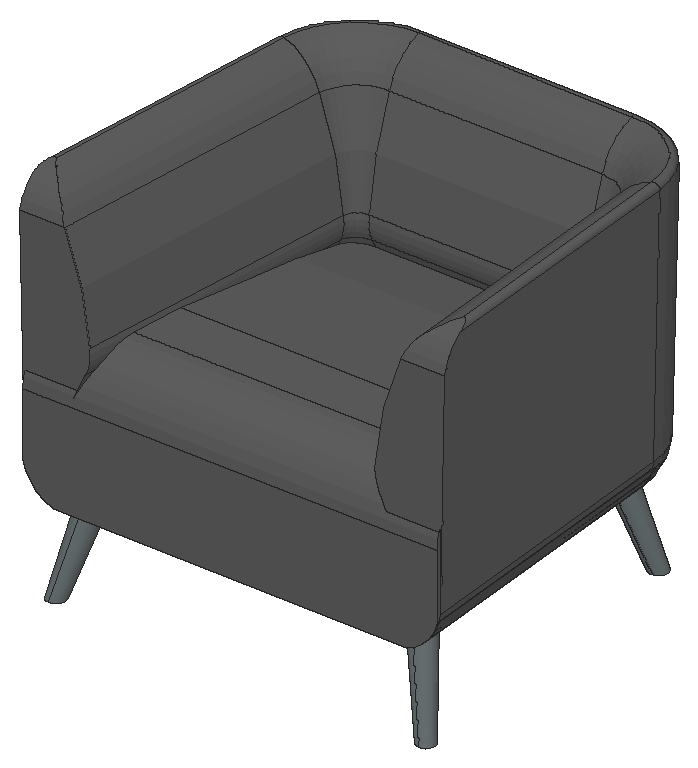
Revit family "FU_Chair_Sandler_Club 5-2", category Furniture, Revit 2022
Family settings
  OmniClass Number = 23.40.20.00
  OmniClass Title = General Furniture and Specialties
  Work Plane-Based = No
  Always vertical = Yes
  Cut with Voids When Loaded = No
  Render Appearance Source = Family Geometry
  Shared = No
  Room Calculation Point = No
Parameters (values of type "Club 5.1")
  Width = 780 mm
  URL = "https://www.sandlerseating.com/product/club-5-1/"
  Seat [instance] = Leather - Black - Sandler 101
  Model = "Club 5.1"
  Manufacturer = "Sandler"
  Height = 690 mm
  Frame [instance] = Metal - Powdercoats - Granite Grey RAL 7026
  Description = "Fully upholstered tub chair on pedestal base."
  Depth = 690 mm
  Default Elevation = 0 mm
Reference planes
  plane 1 "Center (Front/Back)": y = 0
  plane 2: z = 0
  plane 3 "Center (Left/Right)": x = 0
  plane 4 "Right": x = -390
  plane 5 "Left": x = 390
  plane 6 "Back": y = 345
  plane 7 "Front": y = -345
  plane 8 "Height": z = 690
  plane 9 "Seat Height": z = 400
  plane 10 "Leftr Leg Angle Front": through (319.6, -1524, 140.189) normal (0.9724, 0, 0.2334)
  plane 11: through (4267.2, -317.851, 18.911) normal (0, -0.9724, 0.2334)
Forms (mm)
  Sweep 1, solid, material "Leather - Black - Sandler 101" <- "Seat"
    path origin (0, 0, 0) x (1, 0, 0) y (0, 1, 0)
      loop
        line (-390, -345) -> (-349.282, 201.516)
        arc (-349.282, 201.516) -> (-300.162, 303.6) -> (-194.71, 345) r 155
        line (-194.71, 345) -> (194.71, 345)
        arc (194.71, 345) -> (300.162, 303.6) -> (349.282, 201.516) r 155
        line (349.282, 201.516) -> (390, -345)
    profile "pro_ClubSeat : pro_ClubSeat" origin (-369.641, -71.742, 0) x (-0.997236, 0.074299, 0) y (0, 0, 1)
      loop
        line (-10.435, 160.642) -> (0.095, 680.069)
        arc (0.095, 680.069) -> (-3.745, 688.151) -> (-12.515, 689.925) r 10
        arc (-12.515, 689.925) -> (-54.973, 666.322) -> (-81.484, 625.616) r 100.912
        arc (-81.484, 625.616) -> (-112.432, 536.009) -> (-127.077, 442.347) r 534.953
        arc (-127.077, 442.347) -> (-127.99, 419.999) -> (-120.845, 398.804) r 61.455
        line (-120.845, 398.804) -> (-10.435, 160.642)
  Extrusion 2, solid, material "Leather - Black - Sandler 101" <- "Seat"
    sketch origin (0, 0, 0) x (0, 1, 0) y (0, 0, 1)
      loop
        line (-342.761, 160.642) -> (335, 160.642) -> (335, 363.27)
        arc (335, 363.27) -> (94.001, 412.933) -> (-151.169, 433.863) r 2085.365
        line (-151.169, 433.863) -> (-247.282, 433.863)
        arc (-247.282, 433.863) -> (-314.796, 405.897) -> (-342.761, 338.384) r 95.479
        line (-342.761, 338.384) -> (-342.761, 160.642)
    from -380 to 380
  Extrusion 3, void
    sketch origin (-0.29, 0, 0) x (1, 0, 0) y (0, 1, 0)
      loop
        line (-381.49, -375) -> (-339.282, 191.516)
        arc (-339.282, 191.516) -> (-290.162, 293.6) -> (-184.71, 335) r 155
        line (-184.71, 335) -> (-184.71, 385) -> (-409.71, 385) -> (-409.71, -375) -> (-381.49, -375)
      loop
        line (381.49, -375) -> (409.71, -375) -> (409.71, 385) -> (184.71, 385) -> (184.71, 335)
        arc (184.71, 335) -> (290.162, 293.6) -> (339.282, 191.516) r 155
        line (339.282, 191.516) -> (381.49, -375)
    from 138.244 to 474.753
  Sweep 4, void
    path origin (0, 0, 0) x (1, 0, 0) y (0, 1, 0)
      loop
        line (-390, -345) -> (-349.282, 201.516)
        arc (-349.282, 201.516) -> (-300.162, 303.6) -> (-194.71, 345) r 155
        line (-194.71, 345) -> (194.71, 345)
        arc (194.71, 345) -> (300.162, 303.6) -> (349.282, 201.516) r 155
        line (349.282, 201.516) -> (390, -345)
    profile origin (-369.641, -71.742, 0) x (-0.997236, 0.074299, 0) y (0, 0, 1)
      loop
        arc (-8.566, 240.243) -> (-35.68, 179.056) -> (-98.566, 156.158) r 85.478
        line (-98.566, 156.158) -> (-98.566, 125.243) -> (41.434, 125.243) -> (41.434, 240.243) -> (-8.566, 240.243)
  Extrusion 5, void
    sketch origin (0, 0, 0) x (0, 1, 0) y (0, 0, 1)
      loop
        line (-337.803, 126.25) -> (-337.803, 626.866)
        arc (-337.803, 626.866) -> (-312.702, 671.296) -> (-265.736, 691.25) r 79.344
        line (-265.736, 691.25) -> (-265.736, 706.25) -> (-365.736, 706.25) -> (-365.736, 126.25) -> (-337.803, 126.25)
    from -400 to 400
  SweptBlend 6, solid, material "Metal - Powdercoats - Granite Grey RAL 7026" <- "Frame"
    path origin (333.187, 5, 83.592) x (-0.233445, 0, 0.97237) y (0, -1, 0)
      loop
        line (-101.832, 328.75) -> (92.338, 280.809)
    profile origin (356.959, -323.75, -15.426) x (-0.055957, -0.970846, 0.23308) y (0.97237, 0, 0.233445)
      loop
        circle (0, -14.586) r 15
    end profile origin (311.631, -275.809, 173.379) x (-0.055957, -0.970846, 0.23308) y (0.97237, 0, 0.233445)
      loop
        circle (0, -14.586) r 24
  SweptBlend 7, solid, material "Metal - Powdercoats - Granite Grey RAL 7026" <- "Frame"
    path origin (330.19, -41.484, 96.077) x (-0.233445, 0, 0.97237) y (0, -1, 0)
      loop
        line (-101.832, -328.75) -> (92.338, -280.809)
    profile origin (353.962, 287.266, -2.941) x (0.055957, -0.970846, -0.23308) y (0.97237, 0, 0.233445)
      loop
        circle (0, -68.066) r 15
    end profile origin (308.634, 239.326, 185.863) x (0.055957, -0.970846, -0.23308) y (0.97237, 0, 0.233445)
      loop
        circle (0, -68.066) r 24
  SweptBlend 8, solid, material "Metal - Powdercoats - Granite Grey RAL 7026" <- "Frame"
    path origin (-319.005, 5, 80.187) x (0.233445, 0, 0.97237) y (0, 1, 0)
      loop
        line (-101.832, -328.75) -> (92.338, -280.809)
    profile origin (-342.777, -323.75, -18.831) x (-0.055957, 0.970846, -0.23308) y (-0.97237, 0, 0.233445)
      loop
        circle (0, 0) r 15
    end profile origin (-297.449, -275.809, 169.974) x (-0.055957, 0.970846, -0.23308) y (-0.97237, 0, 0.233445)
      loop
        circle (0, 0) r 24
  SweptBlend 9, solid, material "Metal - Powdercoats - Granite Grey RAL 7026" <- "Frame"
    path origin (-330.19, -41.484, 96.077) x (0.233445, 0, 0.97237) y (0, 1, 0)
      loop
        line (-101.832, 328.75) -> (92.338, 280.809)
    profile origin (-353.962, 287.266, -2.941) x (0.055957, 0.970846, 0.23308) y (-0.97237, 0, 0.233445)
      loop
        circle (0, -68.066) r 15
    end profile origin (-308.634, 239.326, 185.863) x (0.055957, 0.970846, 0.23308) y (-0.97237, 0, 0.233445)
      loop
        circle (0, -68.066) r 24
  Extrusion 10, void
    sketch origin (0, 0, 0) x (1, 0, 0) y (0, 0, 1)
      loop
        line (-390, 0) -> (-390, -51.329) -> (390, -51.329) -> (390, 0) -> (-390, 0)
    from -345.401 to 347.406
Cuts and joins
  Extrusion 3, Sweep 4 cuts Extrusion 2
  Sweep 4, Extrusion 5 cuts Sweep 1
  Extrusion 10 cuts SweptBlend 8
  Extrusion 10 cuts SweptBlend 9
  Extrusion 10 cuts SweptBlend 6
  Extrusion 10 cuts SweptBlend 7
Dimensions and locks
  equal spacing: plane 6 "Back", plane 1 "Center (Front/Back)", plane 7 "Front"
  "Depth": plane 6 "Back" to plane 7 "Front"
  equal spacing: plane 4 "Right", plane 3 "Center (Left/Right)", plane 5 "Left"
  "Width": plane 4 "Right" to plane 5 "Left"
  "Height": plane 8 "Height" to level
  aligned and locked: level to plane 2
Automatic sketch dimensions
  Sweep 1 sketch curve to plane 4 "Right" = 0 mm
  Sweep 1 sketch curve to plane 6 "Back" = 0 mm
  Sweep 1 sketch curve to plane 5 "Left" = 0 mm
  Sweep 1 sketch curve to plane 7 "Front" = 0 mm  (x2)
  plane 4 "Right" to Sweep 1 sketch curve = 40.718 mm
  Sweep 1 sketch curve to plane 3 "Center (Left/Right)" = 194.71 mm
  plane 3 "Center (Left/Right)" to Sweep 1 sketch curve = 194.71 mm
  Sweep 1 sketch curve to plane 5 "Left" = 40.718 mm
  Sweep 1 sketch curve to Sweep 1 sketch curve = 155 mm  (x2)
  plane 7 "Front" to Extrusion 2 sketch curve = 2.239 mm
  Extrusion 2 sketch curve to plane 9 "Seat Height" = 61.616 mm
  Extrusion 2 sketch curve to Extrusion 2 sketch curve = 95.479 mm
  plane 7 "Front" to Extrusion 2 sketch curve = 139.346 mm
  Extrusion 2 sketch curve to Extrusion 2 sketch curve = 96.113 mm
  Extrusion 2 sketch curve to plane 6 "Back" = 10 mm
  level to Extrusion 2 sketch curve = 160.642 mm
  Extrusion 2 sketch curve to level = 1650.791 mm
  Extrusion 3 sketch curve to plane 4 "Right" = 20 mm
  plane 4 "Right" to Extrusion 3 sketch curve = 8.22 mm
  plane 4 "Right" to Extrusion 3 sketch curve = 50.428 mm
  Extrusion 3 sketch curve to plane 6 "Back" = 10 mm
  Extrusion 3 sketch curve to plane 3 "Center (Left/Right)" = 185 mm
  plane 6 "Back" to Extrusion 3 sketch curve = 40 mm  (x2)
  plane 3 "Center (Left/Right)" to Extrusion 3 sketch curve = 184.421 mm
  Extrusion 3 sketch curve to plane 5 "Left" = 51.007 mm
  Extrusion 3 sketch curve to plane 5 "Left" = 8.799 mm
  plane 5 "Left" to Extrusion 3 sketch curve = 19.421 mm
  Extrusion 3 sketch curve to plane 6 "Back" = 153.484 mm  (x2)
  Extrusion 3 sketch curve to Extrusion 3 sketch curve = 11.516 mm
  Extrusion 3 sketch curve to plane 7 "Front" = 30 mm  (x2)
  Sweep 4 sketch curve to plane 4 "Right" = 0 mm
  Sweep 4 sketch curve to plane 6 "Back" = 0 mm
  Sweep 4 sketch curve to plane 5 "Left" = 0 mm
  Sweep 4 sketch curve to plane 7 "Front" = 0 mm  (x2)
  plane 4 "Right" to Sweep 4 sketch curve = 40.718 mm
  Sweep 4 sketch curve to plane 3 "Center (Left/Right)" = 194.71 mm
  plane 3 "Center (Left/Right)" to Sweep 4 sketch curve = 194.71 mm
  Sweep 4 sketch curve to plane 5 "Left" = 40.718 mm
  Sweep 4 sketch curve to Sweep 4 sketch curve = 155 mm  (x2)
  profile plane to Sweep 4 sketch curve = 98.566 mm
  Sweep 4 sketch curve to Sweep 4 sketch curve = 4.532 mm
  profile plane to Sweep 4 sketch curve = 8.566 mm
  Sweep 4 sketch curve to profile plane = 41.434 mm
  level to Sweep 4 sketch curve = 125.243 mm
  Sweep 4 sketch curve to Sweep 4 sketch curve = 30.915 mm
  Sweep 4 sketch curve to Sweep 4 sketch curve = 84.085 mm
  Extrusion 5 sketch curve to plane 7 "Front" = 20.736 mm
  plane 7 "Front" to Extrusion 5 sketch curve = 7.197 mm
  plane 8 "Height" to Extrusion 5 sketch curve = 1.25 mm
  plane 7 "Front" to Extrusion 5 sketch curve = 79.264 mm
  Extrusion 5 sketch curve to Extrusion 5 sketch curve = 77.963 mm
  Extrusion 5 sketch curve to plane 8 "Height" = 63.134 mm
  level to Extrusion 5 sketch curve = 126.25 mm
  plane 8 "Height" to Extrusion 5 sketch curve = 16.25 mm
  plane 7 "Front" to SweptBlend 6 sketch curve = 21.25 mm
  plane 7 "Front" to SweptBlend 6 sketch curve = 69.191 mm
  SweptBlend 6 sketch curve to SweptBlend 6 sketch curve = 194.169 mm
  SweptBlend 6 sketch curve to plane 10 "Leftr Leg Angle Front" = 14.586 mm  (x2)
  SweptBlend 6 sketch curve to profile plane = 0 mm  (x2)
  SweptBlend 7 sketch curve to plane 6 "Back" = 57.734 mm
  SweptBlend 7 sketch curve to plane 6 "Back" = 105.674 mm
  SweptBlend 7 sketch curve to SweptBlend 7 sketch curve = 194.169 mm
  SweptBlend 7 sketch curve to profile plane = 0 mm  (x2)
  SweptBlend 7 sketch curve to plane 10 "Leftr Leg Angle Front" = 68.066 mm  (x2)
  plane 7 "Front" to SweptBlend 8 sketch curve = 21.25 mm
  plane 7 "Front" to SweptBlend 8 sketch curve = 69.191 mm
  SweptBlend 8 sketch curve to SweptBlend 8 sketch curve = 194.169 mm
  profile plane to SweptBlend 8 sketch curve = 0 mm  (x4)
  SweptBlend 9 sketch curve to plane 6 "Back" = 57.734 mm
  SweptBlend 9 sketch curve to plane 6 "Back" = 105.674 mm
  SweptBlend 9 sketch curve to SweptBlend 9 sketch curve = 194.169 mm
  profile plane to SweptBlend 9 sketch curve = 0 mm  (x2)
  SweptBlend 9 sketch curve to profile plane = 68.066 mm  (x2)
  Extrusion 10 sketch curve to plane 4 "Right" = 0 mm
  Extrusion 10 sketch curve to plane 5 "Left" = 0 mm
  Extrusion 10 sketch curve to level = 0 mm
  Extrusion 10 sketch curve to level = 51.329 mm
  radius of SweptBlend 6 sketch curve = 15 mm
  radius of SweptBlend 6 sketch curve = 24 mm
  radius of SweptBlend 7 sketch curve = 15 mm
  radius of SweptBlend 7 sketch curve = 24 mm
  radius of SweptBlend 8 sketch curve = 15 mm
  radius of SweptBlend 8 sketch curve = 24 mm
  radius of SweptBlend 9 sketch curve = 15 mm
  radius of SweptBlend 9 sketch curve = 24 mm
